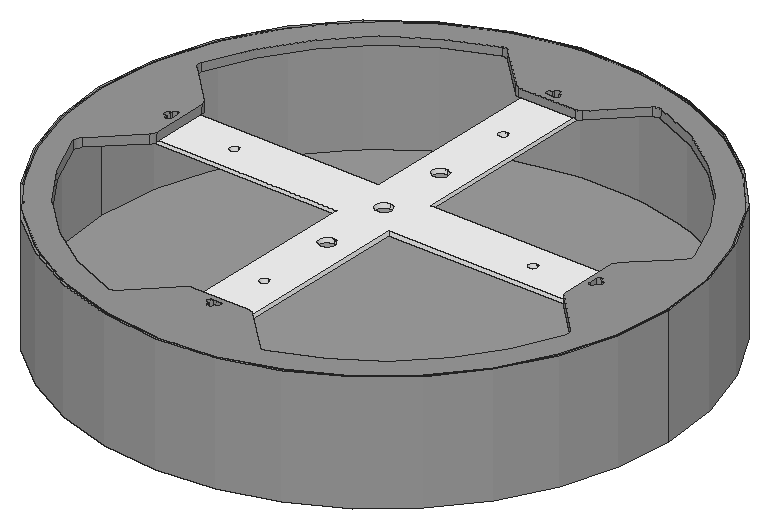
Revit family "Lighting - Lumetta - Pendant - ESM518", category Lighting Fixtures, host Ceiling, Revit 2015
Parameters
  Emit from Circle Diameter = 2' - 0"
  Emit Shape Visible in Rendering = no
  ESM518 URL [instance] = ""
  Wattage = 27 W
  built-in parameter 1150110 = 1 (stored number, unit not read)
  URL = ""
  Type Comments = "Echo 18'' Surface Mount"  # constant formula
  built-in parameter 1114217 = 0.5 (stored number, unit not read)
  Top Lens-Material [instance] = Acrylic - 2447 - White
  built-in parameter 1150109 = 1 (stored number, unit not read)
  built-in parameter 1150134 = (empty or 0)
  built-in parameter 1150113 = 1 (stored number, unit not read)
  Light Source Symbol Size = 0' - 1"
  Echo Diffuser Material-Bottom [instance] = EP5181702 Abstract - D791 Navy - BTM
  Model = "ESM518"  # constant formula
  Manufacturer = "Lumetta, Inc."  # constant formula
  Lumens = 3294 lm
  built-in parameter 1150115 = 1 (stored number, unit not read)
  built-in parameter 1150105 = 1048.5 (stored number, unit not read)
  built-in parameter 1150137 = (empty or 0)
  built-in parameter 1150139 = (empty or 0)
  built-in parameter 1150112 = 1 (stored number, unit not read)
  built-in parameter 1150114 = 1 (stored number, unit not read)
  built-in parameter 1150132 = (empty or 0)
  built-in parameter 1150102 = (empty or 0)
  built-in parameter 1150138 = (empty or 0)
  built-in parameter 1150107 = 3000 (stored number, unit not read)
  built-in parameter 1150106 = 10.485 (stored number, unit not read)
  Frame Finish [instance] = Paint - Lumetta - F02 - PC_Chrome
  built-in parameter 1150104 = 11.334 (stored number, unit not read)
  Dimming Lamp Color Temperature Shift = 1
  Echo Diffuser Material-Sides [instance] = EP5181702 Abstract - D791 Navy - Side
  Description = "Echo 18'' Surface Mount"  # constant formula
  Color Filter = 16777215
  built-in parameter 1114218 = 1 (stored number, unit not read)
  built-in parameter 1150133 = 10 (stored number, unit not read)
Reference planes (in)
  plane 1 "Light Source Axis (F/B)": y = 0
  plane 2 "Ceiling": z = 96
  plane 3 "Light Source Axis (L/R)": x = 0
  plane 4 "Light Source Elevation": z = 94.5
  plane 5 "Fixture-Top": z = 95.5
  plane 6 "Fixture-Radius": x = 9
  plane 7 "Fixture-Height": z = 91.75
  plane 8: y = 0
Forms (in)
  Revolve 1, solid, material "Paint - Lumetta - F02 - PC_Chrome" <- "Frame Finish", not visible
    sketch origin (0, 0, 0) x (1, 0, 0) y (0, 0, 1)
      loop
        line (0, 96) -> (0, 95.4375) -> (3, 95.4375) -> (3, 95.5) -> (2.87509, 95.5) -> (2.87509, 96) -> (0, 96)
      axis (0, 96) -> (0, 95.4375)
    angle from 0 to 360
  Extrusion 2, void
    sketch origin (0, 0, 95.4375) x (0, -1, 0) y (1, 0, 0)
      loop
        circle (0, 0) r 0.25
      loop
        circle (0, 2.5) r 0.06274
      loop
        circle (-2.5, 0) r 0.06274
      loop
        circle (0, -2.5) r 0.06274
      loop
        circle (2.5, 0) r 0.06274
    from 0 to 0.06358
  Revolve 3, solid, material "EP5181702 Abstract - D791 Navy - Side" <- "Echo Diffuser Material-Sides"
    sketch origin (0, 0, 0) x (1, 0, 0) y (0, 0, 1)
      loop
        line (9, 95.5) -> (9, 91.75) -> (9.06242, 91.75) -> (9.06242, 95.5) -> (9, 95.5)
      axis (0, 95.5) -> (0, 91.75)
    angle from 0 to 360
  Revolve 4, solid, material "Paint - Lumetta - F02 - PC_Chrome" <- "Frame Finish", not visible
    sketch origin (0, 0, 0) x (1, 0, 0) y (0, 0, 1)
      loop
        line (0, 95.4375) -> (0, 95.3765) -> (0.37481, 95.3765) -> (0.37481, 95.4375) -> (0, 95.4375)
      axis (0, 95.4375) -> (0, 95.3765)
    angle from 0 to 360
  Extrusion 5, solid, material "EP5181702 Abstract - D791 Navy - BTM" <- "Echo Diffuser Material-Bottom"
    sketch origin (0, 0, 91.75) x (0, -1, 0) y (1, 0, 0)
      loop
        circle (0, 0) r 9
    from 0 to 0.125
  Extrusion 6, solid, material "Opaque - White"
    sketch origin (0, 0, 95.5) x (0, -1, 0) y (1, 0, 0)
      loop
        circle (0, 0) r 0.25
      loop
        circle (-2.25, 0) r 0.25
      loop
        circle (2.25, 0) r 0.25
      loop
        line (-0.83, 0.83) -> (-7.875, 0.83)
        arc (-7.875, 0.83) -> (-8.05178, 0.75678) -> (-8.125, 0.58) r 0.25
        line (-8.125, 0.58) -> (-8.125, -0.58)
        arc (-8.125, -0.58) -> (-8.05178, -0.75678) -> (-7.875, -0.83) r 0.25
        line (-7.875, -0.83) -> (-0.83, -0.83) -> (-0.83, -7.875)
        arc (-0.83, -7.875) -> (-0.75678, -8.05178) -> (-0.58, -8.125) r 0.25
        line (-0.58, -8.125) -> (0.58, -8.125)
        arc (0.58, -8.125) -> (0.75678, -8.05178) -> (0.83, -7.875) r 0.25
        line (0.83, -7.875) -> (0.83, -0.83) -> (7.875, -0.83)
        arc (7.875, -0.83) -> (8.05178, -0.75678) -> (8.125, -0.58) r 0.25
        line (8.125, -0.58) -> (8.125, 0.58)
        arc (8.125, 0.58) -> (8.05178, 0.75678) -> (7.875, 0.83) r 0.25
        line (7.875, 0.83) -> (0.83, 0.83) -> (0.83, 7.875)
        arc (0.83, 7.875) -> (0.75678, 8.05178) -> (0.58, 8.125) r 0.25
        line (0.58, 8.125) -> (-0.58, 8.125)
        arc (-0.58, 8.125) -> (-0.75678, 8.05178) -> (-0.83, 7.875) r 0.25
        line (-0.83, 7.875) -> (-0.83, 0.83)
      loop
        circle (0, 4.75) r 0.14063
      loop
        circle (-4.75, 0) r 0.14063
      loop
        circle (0, -4.75) r 0.14063
      loop
        circle (4.75, 0) r 0.14063
    from -0.26546 to -0.39106
  Extrusion 7, solid, material "Acrylic - 2447 - White"
    sketch origin (0, 0, 95.5) x (0, -1, 0) y (1, 0, 0)
      loop
        circle (0, 0) r 9
      loop
        arc (-6.875, 0.09375) -> (-6.96875, 0) -> (-6.875, -0.09375) r 0.09375
        line (-6.875, -0.09375) -> (-6.84375, -0.09375) -> (-6.84375, -0.125)
        arc (-6.84375, -0.125) -> (-6.75, -0.21875) -> (-6.65625, -0.125) r 0.09375
        line (-6.65625, -0.125) -> (-6.65625, 0.125)
        arc (-6.65625, 0.125) -> (-6.75, 0.21875) -> (-6.84375, 0.125) r 0.09375
        line (-6.84375, 0.125) -> (-6.84375, 0.09375) -> (-6.875, 0.09375)
      loop
        arc (-0.09375, -6.875) -> (0, -6.96875) -> (0.09375, -6.875) r 0.09375
        line (0.09375, -6.875) -> (0.09375, -6.84375) -> (0.125, -6.84375)
        arc (0.125, -6.84375) -> (0.21875, -6.75) -> (0.125, -6.65625) r 0.09375
        line (0.125, -6.65625) -> (-0.125, -6.65625)
        arc (-0.125, -6.65625) -> (-0.21875, -6.75) -> (-0.125, -6.84375) r 0.09375
        line (-0.125, -6.84375) -> (-0.09375, -6.84375) -> (-0.09375, -6.875)
      loop
        arc (6.875, -0.09375) -> (6.96875, 0) -> (6.875, 0.09375) r 0.09375
        line (6.875, 0.09375) -> (6.84375, 0.09375) -> (6.84375, 0.125)
        arc (6.84375, 0.125) -> (6.75, 0.21875) -> (6.65625, 0.125) r 0.09375
        line (6.65625, 0.125) -> (6.65625, -0.125)
        arc (6.65625, -0.125) -> (6.75, -0.21875) -> (6.84375, -0.125) r 0.09375
        line (6.84375, -0.125) -> (6.84375, -0.09375) -> (6.875, -0.09375)
      loop
        arc (0.09375, 6.875) -> (0, 6.96875) -> (-0.09375, 6.875) r 0.09375
        line (-0.09375, 6.875) -> (-0.09375, 6.84375) -> (-0.125, 6.84375)
        arc (-0.125, 6.84375) -> (-0.21875, 6.75) -> (-0.125, 6.65625) r 0.09375
        line (-0.125, 6.65625) -> (0.125, 6.65625)
        arc (0.125, 6.65625) -> (0.21875, 6.75) -> (0.125, 6.84375) r 0.09375
        line (0.125, 6.84375) -> (0.09375, 6.84375) -> (0.09375, 6.875)
      loop
        arc (-1.07322, -6.57322) -> (-0.99212, -6.51903) -> (-0.89645, -6.5) r 0.25
        line (-0.89645, -6.5) -> (0.89645, -6.5)
        arc (0.89645, -6.5) -> (0.99212, -6.51903) -> (1.07322, -6.57322) r 0.25
        line (1.07322, -6.57322) -> (2.28771, -7.78771)
        arc (2.28771, -7.78771) -> (2.406, -7.854) -> (2.5415, -7.84877) r 0.25
        arc (2.5415, -7.84877) -> (5.83363, -5.83363) -> (7.84877, -2.5415) r 8.25
        arc (7.84877, -2.5415) -> (7.854, -2.406) -> (7.78771, -2.28771) r 0.25
        line (7.78771, -2.28771) -> (6.57322, -1.07322)
        arc (6.57322, -1.07322) -> (6.51903, -0.99212) -> (6.5, -0.89645) r 0.25
        line (6.5, -0.89645) -> (6.5, 0.89645)
        arc (6.5, 0.89645) -> (6.51903, 0.99212) -> (6.57322, 1.07322) r 0.25
        line (6.57322, 1.07322) -> (7.78771, 2.28771)
        arc (7.78771, 2.28771) -> (7.854, 2.406) -> (7.84877, 2.5415) r 0.25
        arc (7.84877, 2.5415) -> (5.83363, 5.83363) -> (2.5415, 7.84877) r 8.25
        arc (2.5415, 7.84877) -> (2.406, 7.854) -> (2.28771, 7.78771) r 0.25
        line (2.28771, 7.78771) -> (1.07322, 6.57322)
        arc (1.07322, 6.57322) -> (0.99212, 6.51903) -> (0.89645, 6.5) r 0.25
        line (0.89645, 6.5) -> (-0.89645, 6.5)
        arc (-0.89645, 6.5) -> (-0.99212, 6.51903) -> (-1.07322, 6.57322) r 0.25
        line (-1.07322, 6.57322) -> (-2.28771, 7.78771)
        arc (-2.28771, 7.78771) -> (-2.406, 7.854) -> (-2.5415, 7.84877) r 0.25
        arc (-2.5415, 7.84877) -> (-5.83363, 5.83363) -> (-7.84877, 2.5415) r 8.25
        arc (-7.84877, 2.5415) -> (-7.854, 2.406) -> (-7.78771, 2.28771) r 0.25
        line (-7.78771, 2.28771) -> (-6.57322, 1.07322)
        arc (-6.57322, 1.07322) -> (-6.51903, 0.99212) -> (-6.5, 0.89645) r 0.25
        line (-6.5, 0.89645) -> (-6.5, -0.89645)
        arc (-6.5, -0.89645) -> (-6.51903, -0.99212) -> (-6.57322, -1.07322) r 0.25
        line (-6.57322, -1.07322) -> (-7.78771, -2.28771)
        arc (-7.78771, -2.28771) -> (-7.854, -2.406) -> (-7.84877, -2.5415) r 0.25
        arc (-7.84877, -2.5415) -> (-5.83363, -5.83363) -> (-2.5415, -7.84877) r 8.25
        arc (-2.5415, -7.84877) -> (-2.406, -7.854) -> (-2.28771, -7.78771) r 0.25
        line (-2.28771, -7.78771) -> (-1.07322, -6.57322)
    from 0 to -0.26546
Dimensions and locks (in)
  equal spacing: host sketch curve, plane 3 "Light Source Axis (L/R)", host sketch curve
  equal spacing: host sketch curve, plane 1 "Light Source Axis (F/B)", host sketch curve
  host sketch curve to host sketch curve = 10' - 0"  (x2)
  locked: plane 2 "Ceiling" to plane 5 "Fixture-Top" at 0.5
  plane 5 "Fixture-Top" to plane 4 "Light Source Elevation" = 0' - 1"
  locked: plane 6 "Fixture-Radius" to plane 3 "Light Source Axis (L/R)" at 9
  locked: plane 5 "Fixture-Top" to plane 7 "Fixture-Height" at 3.75
  locked: Extrusion 2 sketch curve to Extrusion 2 sketch curve at 2.5
  locked: Revolve 3 sketch curve to plane 6 "Fixture-Radius" at 0.06242
  locked: Revolve 1 sketch curve to Revolve 1 sketch curve at 0.0625
  locked: host ceiling to Revolve 1 sketch curve at 0.5625
  locked: Revolve 1 sketch curve to Revolve 1 sketch curve at 0.5625
  Revolve 1 sketch curve to Revolve 1 sketch curve = 0' - 2.87509"
  locked: Revolve 1 sketch curve to Revolve 1 sketch curve at 3
  locked: Revolve 1 sketch curve to Revolve 1 sketch curve at 2.87509
  locked: Revolve 1 to Revolve 4 sketch curve at 0.061
  locked: plane 3 "Light Source Axis (L/R)" to Revolve 4 sketch curve at 0.37481
  locked: Extrusion 2 sketch curve to plane 3 "Light Source Axis (L/R)" at 2.5
  locked: plane 8 to Extrusion 2 sketch curve at 2.5
  locked: Extrusion 2 sketch curve to plane 8 at 2.5
  locked: Extrusion 5 sketch curve to plane 6 "Fixture-Radius" at 9
  locked: Revolve 3 to plane 7 "Fixture-Height" at 0
  locked: Extrusion 5 to plane 7 "Fixture-Height" at 0.125
  locked: plane 5 "Fixture-Top" to Extrusion 7 at 0.26546
  locked: Revolve 3 to plane 5 "Fixture-Top" at 0
  locked: plane 8 to Extrusion 6 sketch curve at 0
  Extrusion 6 sketch curve to plane 3 "Light Source Axis (L/R)" = 0' - 0"
  locked: Extrusion 6 sketch curve to plane 8 at 0
  locked: Extrusion 6 sketch curve to plane 3 "Light Source Axis (L/R)" at 0
  Extrusion 6 sketch curve to plane 3 "Light Source Axis (L/R)" = 0' - 8 1/8"
  locked: plane 8 to Extrusion 6 sketch curve at 8.125  (x2)
  locked: plane 3 "Light Source Axis (L/R)" to Extrusion 6 sketch curve at 8.125
  locked: plane 5 "Fixture-Top" to Extrusion 6 at 0.26546
  locked: Extrusion 6 to Extrusion 6 at 0.1256
  locked: Extrusion 7 sketch curve to plane 3 "Light Source Axis (L/R)" at 0  (x2)
  locked: Extrusion 7 sketch curve to plane 8 at 0  (x2)
  locked: Extrusion 6 sketch curve to plane 3 "Light Source Axis (L/R)"
  locked: Extrusion 6 sketch curve to Extrusion 6 sketch curve at 3.375  (x4)
  locked: Extrusion 5 sketch curve to Extrusion 5 sketch curve (radius 0' - 9")
  aligned and locked: plane 3 "Light Source Axis (L/R)" to imposter light
  aligned and locked: plane 1 "Light Source Axis (F/B)" to imposter light
  aligned and locked: plane 4 "Light Source Elevation" to imposter light
